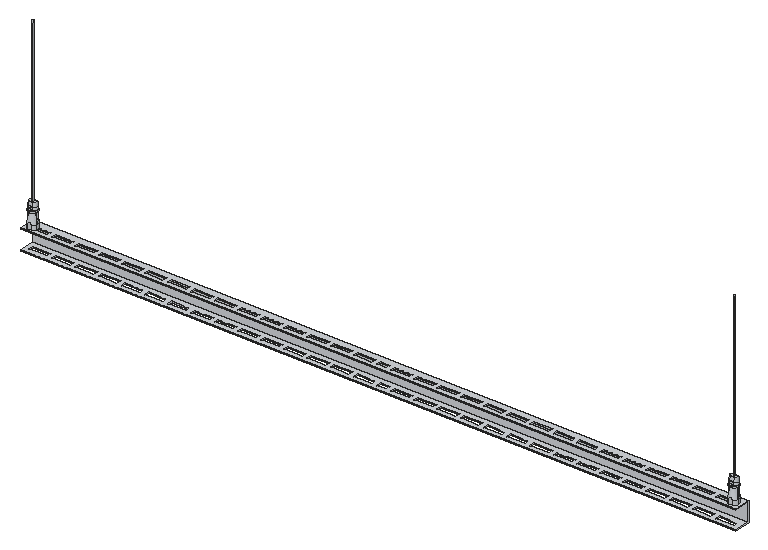
Revit family "Gripple Brackets with UniGrip Suspensions - Assembly", category Specialty Equipment, Revit 2017
Family settings
  Round Connector Dimension = Use Diameter
  Part Type = Normal
  Work Plane-Based = Yes
  Always vertical = Yes
  Cut with Voids When Loaded = Yes
  Shared = Yes
  Room Calculation Point = No
Parameters (values of type "PB1540")
  Kit Y/N Accessory [instance] = yes
  Suspension End Fixing [instance] = ""
  Schedule Level [instance] = ""
  Schedule Discipline [instance] = ""
  Schedule Area [instance] = ""
  R/H TZ Dist. [instance] = 15 mm
  L/H TZ Dist. [instance] = 15 mm
  Kit Vis [instance] = [Kit Y/N Accessory]  # yes
  Go to URL [instance] = "http://www.gripple.co.uk/gb/en/p8/a6/pipe-bracket--quick-twist-system"
  Central Suspension Reqd [instance] = no
  Central Suspension Offset [instance] = 770 mm
  CKit Vis [instance] = and(Central Suspension Reqd, Kit Vis)  # no
  CAcc Vis [instance] = and(Central Suspension Reqd, Acc Vis)  # no
  Bracket Distance From Soffit [instance] = 400 mm
  Length = 1540 mm
  URL = "http://www.gripple.co.uk/gb/en/p8/a6/pipe-bracket--quick-twist-system"
  Model = "PB1540"
  Manufacturer = "Gripple Ltd"
  Default Elevation = 0 mm
  Bracket = Gripple Brackets : PB1540
  Assembly Code = "PB1540"
  Acc Vis [instance] = not([Kit Y/N Accessory])  # no
  -L = -Length / 2  # -770 mm
  +L = Length / 2  # 770 mm
Types (14, lengths in mm): name | Central Suspension Reqd | Central Suspension Offset | CKit Vis | Bracket Distance From Soffit | Length | Model | Bracket | Assembly Code | -L | +L
  PB1540 | no | 770 | no | 400 | 1540 | "PB1540" | Gripple Brackets : PB1540 | "PB1540" | -770 | 770
  PB1440 | yes | 720 | yes | 200 | 1440 | "PB1440" | Gripple Brackets : PB1440 | "PB1440" | -720 | 720
  PB1340 | yes | 670 | yes | 200 | 1340 | "PB1340" | Gripple Brackets : PB1340 | "PB1340" | -670 | 670
  PB440 | yes | 220 | yes | 250 | 440 | "PB440" | Gripple Brackets : PB440 | "PB440" | -220 | 220
  PB540 | yes | 270 | yes | 250 | 540 | "PB540" | Gripple Brackets : PB540 | "PB540" | -270 | 270
  PB740 | yes | 370 | yes | 200 | 740 | "PB740" | Gripple Brackets : PB740 | "PB740" | -370 | 370
  PB940 | yes | 470 | yes | 200 | 940 | "PB940" | Gripple Brackets : PB940 | "PB940" | -470 | 470
  PB1040 | yes | 520 | yes | 200 | 1040 | "PB1040" | Gripple Brackets : PB1040 | "PB1040" | -520 | 520
  PB1140 | yes | 570 | yes | 200 | 1140 | "PB1140" | Gripple Brackets : PB1140 | "PB1140" | -570 | 570
  PB1240 | yes | 620 | yes | 200 | 1240 | "PB1240" | Gripple Brackets : PB1240 | "PB1240" | -620 | 620
  PB340 | yes | 170 | yes | 250 | 340 | "PB340" | Gripple Brackets : PB340 | "PB340" | -170 | 170
  PB840 | yes | 420 | yes | 200 | 840 | "PB840" | Gripple Brackets : PB840 | "PB840" | -420 | 420
  PB240 | yes | 120 | yes | 250 | 240 | "PB240" | Gripple Brackets : PB240 | "PB240" | -120 | 120
  PB640 | yes | 320 | yes | 250 | 640 | "PB640" | Gripple Brackets : PB640 | "PB640" | -320 | 320
Reference planes
  plane 1 "Center (Front/Back)": y = 0
  plane 2: z = 0
  plane 3 "Center (Left/Right)": x = 0
  plane 4 "Bracket Top": z = -400
  plane 5: x = 770
  plane 6: x = -770
  plane 7: x = 755
  plane 8: x = -755
  plane 9: x = 755
  plane 10: x = 0
Lines and regions (mm)
  model lines, detail levels coarse+medium
    curve 1: line (-770, 0, -421.5) -> (770, 0, -421.5)
  model lines, visible <- "Kit Y/N Accessory"
    curve 2: line (-755, 0, 0) -> (-755, 0, -421.5)
    curve 3: line (755, 0, 0) -> (755, 0, -421.5)
Dimensions and locks
  equal spacing: plane 5, plane 3 "Center (Left/Right)", plane 6
  "Length": plane 5 to plane 6
  locked: plane 5 to plane 7 at 15
  plane 3 "Center (Left/Right)" to plane 7 = 755 mm
  "Bracket Distance From Soffit": plane 4 "Bracket Top" to plane 2
  "L/H TZ Dist.": plane 8 to plane 6
  "R/H TZ Dist.": plane 5 to plane 9
  "Central Suspension Offset": plane 10 to plane 6
  aligned and locked: level to plane 2
  aligned and locked: plane 5 to curve 1
  aligned and locked: plane 6 to curve 1
  aligned and locked: level to curve 2
  aligned and locked: level to curve 3
  aligned and locked: curve 1 to curve 3
  aligned and locked: curve 2 to plane 8
  aligned and locked: curve 3 to plane 9
  aligned and locked: plane 1 "Center (Front/Back)" to nested 1
  aligned and locked: nested 1 to plane 3 "Center (Left/Right)"
  aligned and locked: plane 4 "Bracket Top" to nested 2
  aligned and locked: plane 4 "Bracket Top" to nested 3
  aligned and locked: nested 4 to plane 4 "Bracket Top"
  aligned and locked: plane 4 "Bracket Top" to nested 5
  aligned and locked: plane 4 "Bracket Top" to nested 6
  aligned and locked: nested 7 to plane 4 "Bracket Top"
  aligned and locked: nested 2 to plane 8
  aligned and locked: plane 10 to nested 3
  aligned and locked: nested 4 to plane 9
  aligned and locked: nested 5 to plane 8
  aligned and locked: nested 7 to plane 9
  aligned and locked: plane 10 to nested 6
Automatic sketch dimensions
  curve 1 to plane 4 "Bracket Top" = 21.5 mm
Nested families
  nested 1: "Gripple Brackets" at (0, 0, -400), type <- "Bracket", Schedule Area <- "Schedule Area", Schedule Discipline <- "Schedule Discipline", Schedule Level <- "Schedule Level", type "PB1540", detail levels fine
    with Schedule Level "", Schedule Discipline "", Schedule Area "", Go to URL "http://www.gripple.co.uk/gb/en/p8/a6/pipe-bracket--quick-twist-system"
  nested 2: "Gripple UniGrip Kit" at (-755, 0, -400), Bracket Distance From Soffit <- "Bracket Distance From Soffit", visible <- "Kit Vis", Schedule Area <- "Schedule Area", Schedule Discipline <- "Schedule Discipline", Schedule Level <- "Schedule Level", Suspension End Fixing <- "Suspension End Fixing", type "UG2"
    with UniGrip Foot Option none, Suspension End Fixing "", Schedule Level "", Schedule Discipline "", Schedule Area "", Gripple Kit Length (m) 1 mm, Go To URL "https://www.gripple.com/images/Markets/Building%20Services/Products/Unigrip/PI%20Sheets/PI-UNIGRIP-ENG.pdf", Bracket Distance From Soffit 400 mm
  nested 3: "Gripple UniGrip Kit" at (0, 0, -400), Bracket Distance From Soffit <- "Bracket Distance From Soffit", Schedule Area <- "Schedule Area", Schedule Discipline <- "Schedule Discipline", Schedule Level <- "Schedule Level", Suspension End Fixing <- "Suspension End Fixing", visible <- "CKit Vis", type "UG2"
    with UniGrip Foot Option none, Suspension End Fixing "", Schedule Level "", Schedule Discipline "", Schedule Area "", Gripple Kit Length (m) 1 mm, Go To URL "https://www.gripple.com/images/Markets/Building%20Services/Products/Unigrip/PI%20Sheets/PI-UNIGRIP-ENG.pdf", Bracket Distance From Soffit 400 mm
  nested 4: "Gripple UniGrip Kit" at (755, 0, -400), Bracket Distance From Soffit <- "Bracket Distance From Soffit", visible <- "Kit Vis", Schedule Area <- "Schedule Area", Schedule Discipline <- "Schedule Discipline", Schedule Level <- "Schedule Level", Suspension End Fixing <- "Suspension End Fixing", type "UG2"
    with UniGrip Foot Option none, Suspension End Fixing "", Schedule Level "", Schedule Discipline "", Schedule Area "", Gripple Kit Length (m) 1 mm, Go To URL "https://www.gripple.com/images/Markets/Building%20Services/Products/Unigrip/PI%20Sheets/PI-UNIGRIP-ENG.pdf", Bracket Distance From Soffit 400 mm
  nested 5: "Gripple UniGrip Accessory" at (-755, 0, -400), Schedule Area <- "Schedule Area", Schedule Discipline <- "Schedule Discipline", Schedule Level <- "Schedule Level", Suspension End Fixing <- "Suspension End Fixing", visible <- "Acc Vis", type "UG2"
    with UniGrip Foot Option none, Suspension End Fixing "", Schedule Level "", Schedule Discipline "", Schedule Area "", Go To URL "https://www.gripple.com/images/Markets/Building%20Services/Products/Unigrip/PI%20Sheets/PI-UNIGRIP-ENG.pdf"
  nested 6: "Gripple UniGrip Accessory" at (0, 0, -400), Schedule Area <- "Schedule Area", Schedule Discipline <- "Schedule Discipline", Schedule Level <- "Schedule Level", Suspension End Fixing <- "Suspension End Fixing", visible <- "CAcc Vis", type "UG2"
    with UniGrip Foot Option none, Suspension End Fixing "", Schedule Level "", Schedule Discipline "", Schedule Area "", Go To URL "https://www.gripple.com/images/Markets/Building%20Services/Products/Unigrip/PI%20Sheets/PI-UNIGRIP-ENG.pdf"
  nested 7: "Gripple UniGrip Accessory" at (755, 0, -400), Schedule Area <- "Schedule Area", Schedule Discipline <- "Schedule Discipline", Schedule Level <- "Schedule Level", Suspension End Fixing <- "Suspension End Fixing", visible <- "Acc Vis", type "UG2"
    with UniGrip Foot Option none, Suspension End Fixing "", Schedule Level "", Schedule Discipline "", Schedule Area "", Go To URL "https://www.gripple.com/images/Markets/Building%20Services/Products/Unigrip/PI%20Sheets/PI-UNIGRIP-ENG.pdf"
Definition of nested family "Gripple Brackets"
  Parameters (values of type "PB1540")
    Schedule Level [instance] = ""
    Schedule Discipline [instance] = ""
    Schedule Area [instance] = ""
    Go to URL [instance] = "http://www.gripple.co.uk/gb/en/p8/a6/pipe-bracket--quick-twist-system"
    Length = 1540 mm
    URL = "http://www.gripple.co.uk/gb/en/p8/a6/pipe-bracket--quick-twist-system"
    Model = "PB1540"
    Manufacturer = "Gripple Ltd"
    Default Elevation = 1219.2 mm
    Assembly Code = "PB1540"
    -L = -Length / 2  # -770 mm
    +L = Length / 2  # 770 mm
    #slots = 15
  Types (14, lengths in mm): name | Length | Model | Assembly Code | -L | +L | #slots
    PB240 | 240 | "PB240" | "PB240" | -120 | 120 | 2
    PB340 | 340 | "PB340" | "PB340" | -170 | 170 | 3
    PB440 | 440 | "PB440" | "PB440" | -220 | 220 | 4
    PB540 | 540 | "PB540" | "PB540" | -270 | 270 | 5
    PB640 | 640 | "PB640" | "PB640" | -320 | 320 | 6
    PB740 | 740 | "PB740" | "PB740" | -370 | 370 | 7
    PB840 | 840 | "PB840" | "PB840" | -420 | 420 | 8
    PB940 | 940 | "PB940" | "PB940" | -470 | 470 | 9
    PB1040 | 1040 | "PB1040" | "PB1040" | -520 | 520 | 10
    PB1140 | 1140 | "PB1140" | "PB1140" | -570 | 570 | 11
    PB1240 | 1240 | "PB1240" | "PB1240" | -620 | 620 | 12
    PB1340 | 1340 | "PB1340" | "PB1340" | -670 | 670 | 13
    PB1440 | 1440 | "PB1440" | "PB1440" | -720 | 720 | 14
    PB1540 | 1540 | "PB1540" | "PB1540" | -770 | 770 | 15
  Reference planes
    plane 1 "Center (Front/Back)": y = 0
    plane 2: z = 0
    plane 3 "Center (Left/Right)": x = 0
    plane 4: z = 0
    plane 5: z = -43
    plane 6: x = 770
    plane 7: x = -770
    plane 8: z = -2
    plane 9: z = -41
    plane 10: y = 20
    plane 11: y = -15
    plane 12: y = 18
    plane 13: x = 60
    plane 14: x = 20
    plane 15: x = -20
    plane 16: x = -60
    plane 17: y = 5
    plane 18: y = -5
    plane 19: x = -20
    plane 20: x = -10
    plane 21: x = 10
    plane 22: x = -10
    plane 23: x = 10
    plane 24: z = -21.5
  Forms (mm)
    Extrusion 1, solid, detail levels medium+fine
      sketch origin (0, 0, 0) x (0, 1, 0) y (0, 0, 1)
        loop
          line (20, 0) -> (-15, 0) -> (-15, -2) -> (18, -2) -> (18, -41) -> (-15, -41) -> (-15, -43) -> (20, -43) -> (20, 0)
      from 770 <- "+L" to -770 <- "-L"
    Extrusion 2, void
      sketch origin (0, 0, 0) x (1, 0, 0) y (0, 1, 0)
        loop
          line (-60, 5) -> (-60, -5) -> (-20, -5) -> (-20, 5) -> (-60, 5)
      from 0 to -43
    Extrusion 3, void
      sketch origin (30, 0, 0) x (1, 0, 0) y (0, 1, 0)
        loop
          line (-40, 5) -> (-40, -5) -> (-20, -5) -> (-20, 5) -> (-40, 5)
      from 0 to -43
    Extrusion 4, void
      sketch origin (60, 0, 0) x (1, 0, 0) y (0, 1, 0)
        loop
          line (-40, 5) -> (-40, -5) -> (0, -5) -> (0, 5) -> (-40, 5)
      from 0 to -43
    Extrusion 5, void
      sketch origin (-50, 0, 0) x (1, 0, 0) y (0, 1, 0)
        loop
          line (-60, 5) -> (-60, -5) -> (-20, -5) -> (-20, 5) -> (-60, 5)
      from 0 to -43
    Extrusion 6, void
      sketch origin (110, 0, 0) x (1, 0, 0) y (0, 1, 0)
        loop
          line (-40, 5) -> (-40, -5) -> (0, -5) -> (0, 5) -> (-40, 5)
      from 0 to -43
    Extrusion 7, void
      sketch origin (-100, 0, 0) x (1, 0, 0) y (0, 1, 0)
        loop
          line (-60, 5) -> (-60, -5) -> (-20, -5) -> (-20, 5) -> (-60, 5)
      from 0 to -43
    Extrusion 8, void
      sketch origin (-150, 0, 0) x (1, 0, 0) y (0, 1, 0)
        loop
          line (-60, 5) -> (-60, -5) -> (-20, -5) -> (-20, 5) -> (-60, 5)
      from 0 to -43
    Extrusion 9, void
      sketch origin (160, 0, 0) x (1, 0, 0) y (0, 1, 0)
        loop
          line (-40, 5) -> (-40, -5) -> (0, -5) -> (0, 5) -> (-40, 5)
      from 0 to -43
    Extrusion 10, void
      sketch origin (210, 0, 0) x (1, 0, 0) y (0, 1, 0)
        loop
          line (-40, 5) -> (-40, -5) -> (0, -5) -> (0, 5) -> (-40, 5)
      from 0 to -43
    Extrusion 11, void
      sketch origin (-200, 0, 0) x (1, 0, 0) y (0, 1, 0)
        loop
          line (-60, 5) -> (-60, -5) -> (-20, -5) -> (-20, 5) -> (-60, 5)
      from 0 to -43
    Extrusion 12, void
      sketch origin (-250, 0, 0) x (1, 0, 0) y (0, 1, 0)
        loop
          line (-60, 5) -> (-60, -5) -> (-20, -5) -> (-20, 5) -> (-60, 5)
      from 0 to -43
    Extrusion 13, void
      sketch origin (260, 0, 0) x (1, 0, 0) y (0, 1, 0)
        loop
          line (-40, 5) -> (-40, -5) -> (0, -5) -> (0, 5) -> (-40, 5)
      from 0 to -43
    Extrusion 14, void
      sketch origin (310, 0, 0) x (1, 0, 0) y (0, 1, 0)
        loop
          line (-40, 5) -> (-40, -5) -> (0, -5) -> (0, 5) -> (-40, 5)
      from 0 to -43
    Extrusion 15, void
      sketch origin (-300, 0, 0) x (1, 0, 0) y (0, 1, 0)
        loop
          line (-60, 5) -> (-60, -5) -> (-20, -5) -> (-20, 5) -> (-60, 5)
      from 0 to -43
    Extrusion 16, void
      sketch origin (-350, 0, 0) x (1, 0, 0) y (0, 1, 0)
        loop
          line (-60, 5) -> (-60, -5) -> (-20, -5) -> (-20, 5) -> (-60, 5)
      from 0 to -43
    Extrusion 17, void
      sketch origin (-400, 0, 0) x (1, 0, 0) y (0, 1, 0)
        loop
          line (-60, 5) -> (-60, -5) -> (-20, -5) -> (-20, 5) -> (-60, 5)
      from 0 to -43
    Extrusion 18, void
      sketch origin (-450, 0, 0) x (1, 0, 0) y (0, 1, 0)
        loop
          line (-60, 5) -> (-60, -5) -> (-20, -5) -> (-20, 5) -> (-60, 5)
      from 0 to -43
    Extrusion 19, void
      sketch origin (-500, 0, 0) x (1, 0, 0) y (0, 1, 0)
        loop
          line (-60, 5) -> (-60, -5) -> (-20, -5) -> (-20, 5) -> (-60, 5)
      from 0 to -43
    Extrusion 20, void
      sketch origin (-550, 0, 0) x (1, 0, 0) y (0, 1, 0)
        loop
          line (-60, 5) -> (-60, -5) -> (-20, -5) -> (-20, 5) -> (-60, 5)
      from 0 to -43
    Extrusion 21, void
      sketch origin (-600, 0, 0) x (1, 0, 0) y (0, 1, 0)
        loop
          line (-60, 5) -> (-60, -5) -> (-20, -5) -> (-20, 5) -> (-60, 5)
      from 0 to -43
    Extrusion 22, void
      sketch origin (-650, 0, 0) x (1, 0, 0) y (0, 1, 0)
        loop
          line (-60, 5) -> (-60, -5) -> (-20, -5) -> (-20, 5) -> (-60, 5)
      from 0 to -43
    Extrusion 23, void
      sketch origin (-700, 0, 0) x (1, 0, 0) y (0, 1, 0)
        loop
          line (-60, 5) -> (-60, -5) -> (-20, -5) -> (-20, 5) -> (-60, 5)
      from 0 to -43
    Extrusion 24, void
      sketch origin (360, 0, 0) x (1, 0, 0) y (0, 1, 0)
        loop
          line (-40, 5) -> (-40, -5) -> (0, -5) -> (0, 5) -> (-40, 5)
      from 0 to -43
    Extrusion 25, void
      sketch origin (410, 0, 0) x (1, 0, 0) y (0, 1, 0)
        loop
          line (-40, 5) -> (-40, -5) -> (0, -5) -> (0, 5) -> (-40, 5)
      from 0 to -43
    Extrusion 26, void
      sketch origin (460, 0, 0) x (1, 0, 0) y (0, 1, 0)
        loop
          line (-40, 5) -> (-40, -5) -> (0, -5) -> (0, 5) -> (-40, 5)
      from 0 to -43
    Extrusion 27, void
      sketch origin (510, 0, 0) x (1, 0, 0) y (0, 1, 0)
        loop
          line (-40, 5) -> (-40, -5) -> (0, -5) -> (0, 5) -> (-40, 5)
      from 0 to -43
    Extrusion 28, void
      sketch origin (560, 0, 0) x (1, 0, 0) y (0, 1, 0)
        loop
          line (-40, 5) -> (-40, -5) -> (0, -5) -> (0, 5) -> (-40, 5)
      from 0 to -43
    Extrusion 29, void
      sketch origin (610, 0, 0) x (1, 0, 0) y (0, 1, 0)
        loop
          line (-40, 5) -> (-40, -5) -> (0, -5) -> (0, 5) -> (-40, 5)
      from 0 to -43
    Extrusion 30, void
      sketch origin (660, 0, 0) x (1, 0, 0) y (0, 1, 0)
        loop
          line (-40, 5) -> (-40, -5) -> (0, -5) -> (0, 5) -> (-40, 5)
      from 0 to -43
    Extrusion 31, void
      sketch origin (710, 0, 0) x (1, 0, 0) y (0, 1, 0)
        loop
          line (-40, 5) -> (-40, -5) -> (0, -5) -> (0, 5) -> (-40, 5)
      from 0 to -43
    Extrusion 32, void
      sketch origin (760, 0, 0) x (1, 0, 0) y (0, 1, 0)
        loop
          line (-40, 5) -> (-40, -5) -> (0, -5) -> (0, 5) -> (-40, 5)
      from 0 to -43
  Cuts and joins
    Extrusion 2, Extrusion 3, Extrusion 4, Extrusion 5, Extrusion 6, Extrusion 7, Extrusion 8, Extrusion 9, Extrusion 10, Extrusion 11, Extrusion 12, Extrusion 13, Extrusion 14, Extrusion 15, Extrusion 16, Extrusion 17, Extrusion 18, Extrusion 19, Extrusion 20, Extrusion 21, Extrusion 22, Extrusion 23, Extrusion 24, Extrusion 25, Extrusion 26, Extrusion 27, Extrusion 28, Extrusion 29, Extrusion 30, Extrusion 31, Extrusion 32 cuts Extrusion 1
  Lines and regions (mm)
    model lines, detail levels coarse
      curve 1: line (-770, 0, -21.5) -> (770, 0, -21.5)
  Dimensions and locks
    equal spacing: plane 6, plane 3 "Center (Left/Right)", plane 7
    locked: plane 4 to plane 5 at 43
    "Length": plane 6 to plane 7
    locked: plane 9 to plane 5 at 2
    locked: plane 4 to plane 8 at 2
    locked: plane 10 to plane 1 "Center (Front/Back)" at 20
    locked: plane 10 to plane 11 at 35
    locked: plane 10 to plane 12 at 2
    equal spacing: plane 16, plane 3 "Center (Left/Right)", plane 13
    equal spacing: plane 15, plane 3 "Center (Left/Right)", plane 14
    locked: plane 3 "Center (Left/Right)" to plane 14 at 20
    equal spacing: plane 18, plane 1 "Center (Front/Back)", plane 17
    locked: plane 1 "Center (Front/Back)" to plane 17 at 5
    equal spacing: plane 21, plane 3 "Center (Left/Right)", plane 20
    locked: plane 21 to plane 20 at 20
    equal spacing: plane 23, plane 3 "Center (Left/Right)", plane 22
    locked: plane 23 to plane 22 at 20
    plane 1 "Center (Front/Back)" to Extrusion 1 = 15 mm
    equal spacing: plane 4, plane 24, plane 5
    locked: plane 14 to plane 13 at 40
    equal spacing: group 21, group 20, group 19, group 18, group 17, group 16, group 15, group 14, group 13, group 10, group 9, group 6, group 5, group 2, group 1
    equal spacing: group 1, group 2, group 5, group 6, group 9, group 10, group 13, group 14, group 15, group 16, group 17, group 18, group 19, group 20, group 21  (x2)
    equal spacing: group 3, group 4, group 7, group 8, group 11, group 12, group 22, group 23, group 24, group 25, group 26, group 27, group 28, group 29, group 30  (x3)
    locked: plane 16 to plane 19 at 40
    aligned and locked: level to plane 2
    aligned and locked: Extrusion 1 sketch curve to plane 10
    aligned and locked: Extrusion 1 sketch curve to plane 4
    aligned and locked: plane 11 to Extrusion 1 sketch curve  (x2)
    aligned and locked: Extrusion 1 sketch curve to plane 9
    aligned and locked: Extrusion 1 sketch curve to plane 5
    aligned and locked: plane 12 to Extrusion 1 sketch curve
    aligned and locked: Extrusion 1 sketch curve to plane 8
    aligned and locked: plane 6 to curve 1
    aligned and locked: plane 7 to curve 1
    aligned and locked: curve 1 to plane 24
    aligned and locked: level to plane 4
    aligned and locked: level to Extrusion 2
    aligned and locked: plane 5 to Extrusion 2
    aligned and locked: Extrusion 3 to plane 20
    aligned and locked: Extrusion 3 to plane 21
    aligned and locked: plane 14 to Extrusion 4
    aligned and locked: Extrusion 4 to plane 13
    aligned and locked: level to Extrusion 4
    aligned and locked: plane 5 to Extrusion 4
    aligned and locked: level to Extrusion 3
    aligned and locked: plane 5 to Extrusion 3
    aligned and locked: Extrusion 1 to Extrusion 2
    aligned and locked: plane 16 to Extrusion 2
    aligned and locked: Extrusion 2 to plane 15
  Automatic sketch dimensions
    Extrusion 2 sketch curve to Extrusion 2 sketch curve = 40 mm
    Extrusion 2 sketch curve to Extrusion 2 sketch curve = 10 mm
    Extrusion 3 sketch curve to plane 18 = 0 mm
    Extrusion 3 sketch curve to plane 20 = 0 mm
    Extrusion 3 sketch curve to plane 21 = 0 mm
    plane 17 to Extrusion 3 sketch curve = 0 mm
    Extrusion 4 sketch curve to Extrusion 4 sketch curve = 40 mm
    Extrusion 5 sketch curve to Extrusion 5 sketch curve = 40 mm
    Extrusion 5 sketch curve to Extrusion 5 sketch curve = 10 mm
    Extrusion 4 sketch curve to Extrusion 4 sketch curve = 10 mm
    Extrusion 6 sketch curve to Extrusion 6 sketch curve = 40 mm
    Extrusion 6 sketch curve to Extrusion 6 sketch curve = 10 mm
    Extrusion 7 sketch curve to Extrusion 7 sketch curve = 40 mm
    Extrusion 7 sketch curve to Extrusion 7 sketch curve = 10 mm
    Extrusion 8 sketch curve to Extrusion 8 sketch curve = 40 mm
    Extrusion 8 sketch curve to Extrusion 8 sketch curve = 10 mm
    Extrusion 9 sketch curve to Extrusion 9 sketch curve = 40 mm
    Extrusion 9 sketch curve to Extrusion 9 sketch curve = 10 mm
    Extrusion 10 sketch curve to Extrusion 10 sketch curve = 40 mm
    Extrusion 10 sketch curve to Extrusion 10 sketch curve = 10 mm
    Extrusion 11 sketch curve to Extrusion 11 sketch curve = 40 mm
    Extrusion 11 sketch curve to Extrusion 11 sketch curve = 10 mm
    Extrusion 12 sketch curve to Extrusion 12 sketch curve = 40 mm
    Extrusion 12 sketch curve to Extrusion 12 sketch curve = 10 mm
    Extrusion 13 sketch curve to Extrusion 13 sketch curve = 40 mm
    Extrusion 13 sketch curve to Extrusion 13 sketch curve = 10 mm
    Extrusion 14 sketch curve to Extrusion 14 sketch curve = 40 mm
    Extrusion 14 sketch curve to Extrusion 14 sketch curve = 10 mm
    Extrusion 15 sketch curve to Extrusion 15 sketch curve = 40 mm
    Extrusion 15 sketch curve to Extrusion 15 sketch curve = 10 mm
    Extrusion 16 sketch curve to Extrusion 16 sketch curve = 40 mm
    Extrusion 16 sketch curve to Extrusion 16 sketch curve = 10 mm
    Extrusion 17 sketch curve to Extrusion 17 sketch curve = 40 mm
    Extrusion 17 sketch curve to Extrusion 17 sketch curve = 10 mm
    Extrusion 18 sketch curve to Extrusion 18 sketch curve = 40 mm
    Extrusion 18 sketch curve to Extrusion 18 sketch curve = 10 mm
    Extrusion 19 sketch curve to Extrusion 19 sketch curve = 40 mm
    Extrusion 19 sketch curve to Extrusion 19 sketch curve = 10 mm
    Extrusion 20 sketch curve to Extrusion 20 sketch curve = 40 mm
    Extrusion 20 sketch curve to Extrusion 20 sketch curve = 10 mm
    Extrusion 21 sketch curve to Extrusion 21 sketch curve = 40 mm
    Extrusion 21 sketch curve to Extrusion 21 sketch curve = 10 mm
    Extrusion 22 sketch curve to Extrusion 22 sketch curve = 40 mm
    Extrusion 22 sketch curve to Extrusion 22 sketch curve = 10 mm
    Extrusion 23 sketch curve to Extrusion 23 sketch curve = 40 mm
    Extrusion 23 sketch curve to Extrusion 23 sketch curve = 10 mm
    Extrusion 24 sketch curve to Extrusion 24 sketch curve = 40 mm
    Extrusion 24 sketch curve to Extrusion 24 sketch curve = 10 mm
    Extrusion 25 sketch curve to Extrusion 25 sketch curve = 40 mm
    Extrusion 25 sketch curve to Extrusion 25 sketch curve = 10 mm
    Extrusion 26 sketch curve to Extrusion 26 sketch curve = 40 mm
    Extrusion 26 sketch curve to Extrusion 26 sketch curve = 10 mm
    Extrusion 27 sketch curve to Extrusion 27 sketch curve = 40 mm
    Extrusion 27 sketch curve to Extrusion 27 sketch curve = 10 mm
    Extrusion 28 sketch curve to Extrusion 28 sketch curve = 40 mm
    Extrusion 28 sketch curve to Extrusion 28 sketch curve = 10 mm
    Extrusion 29 sketch curve to Extrusion 29 sketch curve = 40 mm
    Extrusion 29 sketch curve to Extrusion 29 sketch curve = 10 mm
    Extrusion 30 sketch curve to Extrusion 30 sketch curve = 40 mm
    Extrusion 30 sketch curve to Extrusion 30 sketch curve = 10 mm
    Extrusion 31 sketch curve to Extrusion 31 sketch curve = 40 mm
    Extrusion 31 sketch curve to Extrusion 31 sketch curve = 10 mm
    Extrusion 32 sketch curve to Extrusion 32 sketch curve = 40 mm
    Extrusion 32 sketch curve to Extrusion 32 sketch curve = 10 mm
Definition of nested family "Gripple UniGrip Kit"
  Parameters (values of type "UG2")
    z = 8.5 mm
    w = 10.5 mm
    v = 6 mm
    WD/2 = WD / 2  # 1 mm
    WD = 2 mm
    y = 11.8 mm
    UniGrip Foot Option [instance] = UniGrip Foot Options : 4. Central Exit (Hex Nut)
    G = 7.5 mm
    F = 2 mm  # constant formula
    E = 3 mm  # constant formula
    D = 3.5 mm  # constant formula
    C = 2 mm
    B = 35 mm
    A = 9.5 mm
    Suspension End Fixing [instance] = ""
    Schedule Level [instance] = ""
    Schedule Discipline [instance] = ""
    Schedule Area [instance] = ""
    Hanger SWL (kg) = "55kg"
    Body Dia = 19 mm
    Gripple Kit Length (m) [instance] = roundup((Bracket Distance From Soffit + (50 mm / 1)) / 1000 mm / 1) * 1 mm  # 1 mm
    Go To URL [instance] = "https://www.gripple.com/images/Markets/Building%20Services/Products/Unigrip/PI%20Sheets/PI-UNIGRIP-ENG.pdf"
    Bracket Distance From Soffit [instance] = 500 mm
    URL = "https://www.gripple.com/images/Markets/Building%20Services/Products/Unigrip/PI%20Sheets/PI-UNIGRIP-ENG.pdf"
    Model = "UniGrip No2"
    Manufacturer = "Gripple Ltd"  # constant formula
    Default Elevation = 0 mm
    Assembly Code = "UG2"
    AF = 17 mm
  Types (3, lengths in mm): name | z | w | v | WD/2 | WD | y | G | C | B | A | Hanger SWL (kg) | Body Dia | Model | Assembly Code | AF
    UG2 | 8.5 | 10.5 | 6 | 1 | 2 | 11.8 | 7.5 | 2 | 35 | 9.5 | "55kg" | 19 | "UniGrip No2" | "UG2" | 17
    UG3 | 8.5 | 10.5 | 8 | 1.5 | 3 | 13.8 | 10.5 | 3.5 | 47.5 | 19.5 | "110kg" | 22 | "UniGrip No3" | "UG3" | 17
    UG4 | 10 | 16 | 10 | 2.4 | 4.8 | 21 | 13 | 4 | 56.5 | 25 | "250kg" | 30 | "UniGrip No4" | "UG4" | 22
  Reference planes
    plane 1 "Center (Front/Back)": y = 0
    plane 2: z = 0
    plane 3 "Center (Left/Right)": x = 0
    plane 4 "Bottom of Angled Void": z = 9.5
    plane 5 "Wire Bottom": z = 0
    plane 6: x = -9.5
    plane 7: x = 9.5
    plane 8 "Wire Top": z = 500
    plane 9 "Top of Angled Void": z = 33
    plane 10: y = -1.4
    plane 11: y = 1.4
    plane 12: x = -1.4
    plane 13: x = 1.4
    plane 14 "Channel Bearing Face": z = 35
    plane 15 "a": z = 38.5
    plane 16: y = 5.25
    plane 17: y = -5.25
    plane 18 "Component Top": z = 51
    plane 19 "b": z = 41.5
    plane 20: x = -3
    plane 21: x = 3
    plane 22 "Cap Base": z = 43.5
    plane 23: y = 8.5
    plane 24: y = -8.5
    plane 25: y = 9.5
    plane 26: y = -9.5
    plane 27: z = 34
    plane 28: x = -4.25
    plane 29: x = 4.25
    plane 30: y = 4.25
    plane 31: y = -4.25
    plane 32: x = 5.9
    plane 33: x = -5.9
  Forms (mm)
    Revolve 1, solid, detail levels fine
      sketch origin (0, 0, 0) x (1, 0, 0) y (0, 0, 1)
        loop
          line (0, 51) -> (0, 500) -> (-1, 500) -> (-1, 51) -> (0, 51)
        axis (0, 51) -> (0, 500)
      angle from 0 to 360
    Blend 2, solid, detail levels fine
      base sketch origin (0, 0, 38.5) x (-1, 0, 0) y (0, -1, 0)
        loop
          arc (4.25, -5.25) -> (9.5, 0) -> (4.25, 5.25) r 5.25
          line (4.25, 5.25) -> (-4.25, 5.25)
          arc (-4.25, 5.25) -> (-9.5, 0) -> (-4.25, -5.25) r 5.25
          line (-4.25, -5.25) -> (4.25, -5.25)
      top sketch origin (0, 0, 51) x (-1, 0, 0) y (0, -1, 0)
        loop
          arc (4.25, -4.25) -> (8.5, 0) -> (4.25, 4.25) r 4.25
          line (4.25, 4.25) -> (-4.25, 4.25)
          arc (-4.25, 4.25) -> (-8.5, 0) -> (-4.25, -4.25) r 4.25
          line (-4.25, -4.25) -> (4.25, -4.25)
      from 0 to 0
    Extrusion 3, void
      sketch origin (0, 0, 0) x (1, 0, 0) y (0, 1, 0)
        loop
          line (-4.243, 8.5) -> (4.243, 8.5)
          arc (4.243, 8.5) -> (0, 9.5) -> (-4.243, 8.5) r 9.5
        loop
          arc (-4.243, -8.5) -> (0, -9.5) -> (4.243, -8.5) r 9.5
          line (4.243, -8.5) -> (-4.243, -8.5)
      from 0 to 33
    Revolve 4, solid, detail levels fine
      sketch origin (0, 0, 0) x (1, 0, 0) y (0, 0, 1)
        loop
          line (-9.5, 0) -> (0, 0) -> (0, 38.5) -> (-9.5, 38.5) -> (-9.5, 0)
        axis (0, 38.5) -> (0, 0)
      angle from 0 to 360
    Revolve 5, void
      sketch origin (0, 0, 0) x (1, 0, 0) y (0, 0, 1)
        loop
          line (-9.5, 38.5) -> (-9.5, 35) -> (-4.25, 35) -> (-4.25, 38.5) -> (-9.5, 38.5)
        axis (0, 38.5) -> (0, 35)
      angle from 0 to 360
    Revolve 6, void
      sketch origin (0, 0, 0) x (1, 0, 0) y (0, 0, 1)
        loop
          line (-9.5, 43.5) -> (-9.5, 41.5) -> (-3, 41.5) -> (-3, 43.5) -> (-9.5, 43.5)
        axis (0, 43.5) -> (0, 41.5)
      angle from 0 to 360
    Revolve 7, void
      sketch origin (0, 0, 0) x (1, 0, 0) y (0, 0, 1)
        loop
          line (5.885, 33) -> (9.5, 9.5) -> (9.5, 34) -> (5.885, 33)
        axis (0, 34) -> (0, 9.5)
      angle from 8 to 172
    Revolve 8, void
      sketch origin (0, 0, 0) x (1, 0, 0) y (0, 0, 1)
        loop
          line (5.885, 33) -> (9.5, 9.5) -> (9.5, 34) -> (5.885, 33)
        axis (0, 34) -> (0, 9.5)
      angle from 188 to 352
  Cuts and joins
    Extrusion 3, Revolve 5, Revolve 7, Revolve 8 cuts Revolve 4
    Revolve 5, Revolve 6 cuts Blend 2
  Lines and regions (mm)
    model lines
      curve 1: line (0, 0, 500) -> (0, 0, -25)
    reference lines
      curve 2: line (9.5, 0, 9.5) -> (5.885, 0, 33)
      curve 3: line (5.885, 0, 33) -> (9.5, 0, 34)
  Dimensions and locks
    equal spacing: plane 7, plane 3 "Center (Left/Right)", plane 6
    "Bracket Distance From Soffit": plane 8 "Wire Top" to level
    "WD/2": Revolve 1 sketch curve to Revolve 1 sketch curve
    "Body Dia": plane 7 to plane 6
    locked: plane 11 to plane 10 at 2.8
    "A": plane 4 "Bottom of Angled Void" to plane 2
    "B": plane 14 "Channel Bearing Face" to plane 2
    "D": plane 15 "a" to plane 14 "Channel Bearing Face"
    equal spacing: plane 16, plane 1 "Center (Front/Back)", plane 17
    "w": plane 16 to plane 17
    equal spacing: plane 20, plane 3 "Center (Left/Right)", plane 21
    "E": plane 19 "b" to plane 15 "a"
    "G": plane 18 "Component Top" to plane 22 "Cap Base"
    "F": plane 22 "Cap Base" to plane 19 "b"
    "C": plane 14 "Channel Bearing Face" to plane 9 "Top of Angled Void"
    "AF": plane 23 to plane 24
    equal spacing: plane 23, plane 1 "Center (Front/Back)", plane 24
    "Body Dia": plane 25 to plane 26
    equal spacing: plane 26, plane 1 "Center (Front/Back)", plane 25
    equal spacing: plane 10, plane 1 "Center (Front/Back)", plane 11
    equal spacing: plane 12, plane 3 "Center (Left/Right)", plane 13
    plane 12 to plane 13 = 2.8 mm
    equal spacing: plane 14 "Channel Bearing Face", plane 27, plane 9 "Top of Angled Void"
    "v": plane 20 to plane 21
    plane 16 to plane 30 = 1 mm
    plane 31 to plane 17 = 1 mm
    equal spacing: plane 28, plane 3 "Center (Left/Right)", plane 29
    "z": plane 28 to plane 29
    equal spacing: plane 32, plane 3 "Center (Left/Right)", plane 33
    "y": plane 32 to plane 33
    aligned and locked: level to plane 2
    aligned and locked: plane 3 "Center (Left/Right)" to Revolve 1 sketch curve  (x2)
    aligned and locked: plane 8 "Wire Top" to Revolve 1 sketch curve
    aligned and locked: plane 8 "Wire Top" to curve 1
    aligned and locked: curve 1 to plane 3 "Center (Left/Right)"
    aligned and locked: Blend 2 sketch curve to plane 16
    aligned and locked: plane 18 "Component Top" to Blend 2
    aligned and locked: Extrusion 3 sketch curve to plane 23
    aligned and locked: Extrusion 3 to level
    aligned and locked: Extrusion 3 sketch curve to plane 24
    aligned and locked: Revolve 4 sketch curve to plane 3 "Center (Left/Right)"
    aligned and locked: plane 3 "Center (Left/Right)" to Revolve 4 sketch curve
    aligned and locked: Revolve 4 sketch curve to plane 6
    aligned and locked: Extrusion 3 sketch curve to cut or joined group of Extrusion 3, Revolve 4, Revolve 5, Revolve 7, Revolve 8  (x2)
    aligned and locked: Extrusion 3 to plane 2
    aligned and locked: plane 15 "a" to Revolve 4 sketch curve
    aligned and locked: level to plane 5 "Wire Bottom"
    aligned and locked: Revolve 4 sketch curve to level
    aligned and locked: plane 28 to Blend 2 sketch curve  (x3)
    aligned and locked: plane 1 "Center (Front/Back)" to Blend 2 sketch curve  (x4)
    aligned and locked: plane 29 to Blend 2 sketch curve  (x2)
    aligned and locked: Blend 2 sketch curve to plane 31
    aligned and locked: Revolve 5 sketch curve to plane 15 "a"
    aligned and locked: plane 14 "Channel Bearing Face" to Revolve 5 sketch curve
    aligned and locked: plane 6 to Revolve 5 sketch curve
    aligned and locked: Revolve 5 sketch curve to plane 28
    aligned and locked: Revolve 5 sketch curve to plane 3 "Center (Left/Right)"
    aligned and locked: Revolve 6 sketch curve to plane 22 "Cap Base"
    aligned and locked: plane 19 "b" to Revolve 6 sketch curve
    aligned and locked: Revolve 6 sketch curve to plane 3 "Center (Left/Right)"
    aligned and locked: plane 6 to Revolve 6 sketch curve
    aligned and locked: plane 20 to Revolve 6 sketch curve
    aligned and locked: plane 7 to curve 2
    aligned and locked: plane 4 "Bottom of Angled Void" to curve 2
    aligned and locked: plane 7 to curve 3
    aligned and locked: plane 27 to curve 3
    aligned and locked: plane 9 "Top of Angled Void" to curve 3
    aligned and locked: Revolve 7 sketch curve to curve 3
    aligned and locked: Revolve 7 sketch curve to curve 2
    aligned and locked: Revolve 7 sketch curve to plane 7
    aligned and locked: Revolve 7 sketch curve to plane 3 "Center (Left/Right)"
    aligned and locked: plane 9 "Top of Angled Void" to Extrusion 3
    aligned and locked: Revolve 8 sketch curve to curve 3
    aligned and locked: Revolve 8 sketch curve to curve 2
    aligned and locked: Revolve 8 sketch curve to plane 7
    aligned and locked: Revolve 8 sketch curve to plane 3 "Center (Left/Right)"
    aligned and locked: Revolve 1 sketch curve to plane 18 "Component Top"
  Automatic sketch dimensions
    curve 3 to plane 32 = 0.015 mm
    plane 8 "Wire Top" to Revolve 4 sketch curve = 40 mm
    plane 8 "Wire Top" to Revolve 5 sketch curve = 2114.315 mm
    plane 8 "Wire Top" to Revolve 6 sketch curve = 2114.315 mm
    plane 8 "Wire Top" to Revolve 7 sketch curve = 2114.315 mm
    Revolve 8 sketch curve to plane 4 "Bottom of Angled Void" = 0 mm
    plane 8 "Wire Top" to Revolve 8 sketch curve = 2114.315 mm
    curve 1 to level = 25 mm
    Revolve 4 sketch curve to level = 95 mm
    Revolve 5 sketch curve to level = 366.045 mm
    Revolve 6 sketch curve to level = 366.045 mm
    Revolve 7 sketch curve to level = 366.045 mm
    Revolve 8 sketch curve to level = 366.045 mm
    Revolve 1 sketch curve to Revolve 1 sketch curve = 2.263 mm
    Revolve 1 sketch curve to plane 4 "Bottom of Angled Void" = 1.372 mm
Definition of nested family "Gripple UniGrip Accessory"
  Parameters (values of type "UG2")
    z = 8.5 mm
    w = 10.5 mm
    v = 6 mm
    WD/2 = WD / 2  # 1 mm
    WD = 2 mm
    y = 11.8 mm
    UniGrip Foot Option [instance] = UniGrip Foot Options : 4. Central Exit (Hex Nut)
    G = 7.5 mm
    F = 2 mm  # constant formula
    E = 3 mm  # constant formula
    D = 3.5 mm  # constant formula
    C = 2 mm
    B = 35 mm
    A = 9.5 mm
    Suspension End Fixing [instance] = ""
    Schedule Level [instance] = ""
    Schedule Discipline [instance] = ""
    Schedule Area [instance] = ""
    Hanger SWL (kg) = "55kg"
    Body Dia = 19 mm
    Go To URL [instance] = "https://www.gripple.com/images/Markets/Building%20Services/Products/Unigrip/PI%20Sheets/PI-UNIGRIP-ENG.pdf"
    URL = "https://www.gripple.com/images/Markets/Building%20Services/Products/Unigrip/PI%20Sheets/PI-UNIGRIP-ENG.pdf"
    Model = "UniGrip No2"
    Manufacturer = "Gripple Ltd"  # constant formula
    Default Elevation = 0 mm
    Assembly Code = "UG2"
    AF = 17 mm
  Types (3, lengths in mm): name | z | w | v | WD/2 | WD | y | G | C | B | A | Hanger SWL (kg) | Body Dia | Model | Assembly Code | AF
    UG2 | 8.5 | 10.5 | 6 | 1 | 2 | 11.8 | 7.5 | 2 | 35 | 9.5 | "55kg" | 19 | "UniGrip No2" | "UG2" | 17
    UG3 | 8.5 | 10.5 | 8 | 1.5 | 3 | 13.8 | 10.5 | 3.5 | 47.5 | 19.5 | "110kg" | 22 | "UniGrip No3" | "UG3" | 17
    UG4 | 10 | 16 | 10 | 2.4 | 4.8 | 21 | 13 | 4 | 56.5 | 25 | "250kg" | 30 | "UniGrip No4" | "UG4" | 22
  Reference planes
    plane 1 "Center (Front/Back)": y = 0
    plane 2: z = 0
    plane 3 "Center (Left/Right)": x = 0
    plane 4 "Bottom of Angled Void": z = 9.5
    plane 5 "Wire Bottom": z = 0
    plane 6: x = -9.5
    plane 7: x = 9.5
    plane 8 "Top of Angled Void": z = 33
    plane 9: y = -1.4
    plane 10: y = 1.4
    plane 11: x = -1.4
    plane 12: x = 1.4
    plane 13 "Channel Bearing Face": z = 35
    plane 14 "a": z = 38.5
    plane 15: y = 5.25
    plane 16: y = -5.25
    plane 17 "Component Top": z = 51
    plane 18 "b": z = 41.5
    plane 19: x = -3
    plane 20: x = 3
    plane 21 "Cap Base": z = 43.5
    plane 22: y = 8.5
    plane 23: y = -8.5
    plane 24: y = 9.5
    plane 25: y = -9.5
    plane 26: z = 34
    plane 27: x = -4.25
    plane 28: x = 4.25
    plane 29: y = 4.25
    plane 30: y = -4.25
    plane 31: x = 5.9
    plane 32: x = -5.9
  Forms (mm)
    Blend 1, solid, detail levels fine
      base sketch origin (0, 0, 38.5) x (-1, 0, 0) y (0, -1, 0)
        loop
          arc (4.25, -5.25) -> (9.5, 0) -> (4.25, 5.25) r 5.25
          line (4.25, 5.25) -> (-4.25, 5.25)
          arc (-4.25, 5.25) -> (-9.5, 0) -> (-4.25, -5.25) r 5.25
          line (-4.25, -5.25) -> (4.25, -5.25)
      top sketch origin (0, 0, 51) x (-1, 0, 0) y (0, -1, 0)
        loop
          arc (4.25, -4.25) -> (8.5, 0) -> (4.25, 4.25) r 4.25
          line (4.25, 4.25) -> (-4.25, 4.25)
          arc (-4.25, 4.25) -> (-8.5, 0) -> (-4.25, -4.25) r 4.25
          line (-4.25, -4.25) -> (4.25, -4.25)
      from 0 to 0
    Extrusion 2, void
      sketch origin (0, 0, 0) x (1, 0, 0) y (0, 1, 0)
        loop
          line (-4.243, 8.5) -> (4.243, 8.5)
          arc (4.243, 8.5) -> (0, 9.5) -> (-4.243, 8.5) r 9.5
        loop
          arc (-4.243, -8.5) -> (0, -9.5) -> (4.243, -8.5) r 9.5
          line (4.243, -8.5) -> (-4.243, -8.5)
      from 0 to 33
    Revolve 3, solid, detail levels fine
      sketch origin (0, 0, 0) x (1, 0, 0) y (0, 0, 1)
        loop
          line (-9.5, 0) -> (0, 0) -> (0, 38.5) -> (-9.5, 38.5) -> (-9.5, 0)
        axis (0, 38.5) -> (0, 0)
      angle from 0 to 360
    Revolve 4, void
      sketch origin (0, 0, 0) x (1, 0, 0) y (0, 0, 1)
        loop
          line (-9.5, 38.5) -> (-9.5, 35) -> (-4.25, 35) -> (-4.25, 38.5) -> (-9.5, 38.5)
        axis (0, 38.5) -> (0, 35)
      angle from 0 to 360
    Revolve 5, void
      sketch origin (0, 0, 0) x (1, 0, 0) y (0, 0, 1)
        loop
          line (-9.5, 43.5) -> (-9.5, 41.5) -> (-3, 41.5) -> (-3, 43.5) -> (-9.5, 43.5)
        axis (0, 43.5) -> (0, 41.5)
      angle from 0 to 360
    Revolve 6, void
      sketch origin (0, 0, 0) x (1, 0, 0) y (0, 0, 1)
        loop
          line (5.885, 33) -> (9.5, 9.5) -> (9.5, 34) -> (5.885, 33)
        axis (0, 34) -> (0, 9.5)
      angle from 8 to 172
    Revolve 7, void
      sketch origin (0, 0, 0) x (1, 0, 0) y (0, 0, 1)
        loop
          line (5.885, 33) -> (9.5, 9.5) -> (9.5, 34) -> (5.885, 33)
        axis (0, 34) -> (0, 9.5)
      angle from 188 to 352
  Cuts and joins
    Extrusion 2, Revolve 4, Revolve 6, Revolve 7 cuts Revolve 3
    Revolve 4, Revolve 5 cuts Blend 1
  Lines and regions (mm)
    model lines
      curve 1: line (0, 0, 105) -> (0, 0, -25)
    reference lines
      curve 2: line (9.5, 0, 9.5) -> (5.885, 0, 33)
      curve 3: line (5.885, 0, 33) -> (9.5, 0, 34)
  Dimensions and locks
    equal spacing: plane 7, plane 3 "Center (Left/Right)", plane 6
    "Body Dia": plane 7 to plane 6
    locked: plane 10 to plane 9 at 2.8
    "A": plane 4 "Bottom of Angled Void" to plane 2
    "B": plane 13 "Channel Bearing Face" to plane 2
    "D": plane 14 "a" to plane 13 "Channel Bearing Face"
    equal spacing: plane 15, plane 1 "Center (Front/Back)", plane 16
    "w": plane 15 to plane 16
    equal spacing: plane 19, plane 3 "Center (Left/Right)", plane 20
    "E": plane 18 "b" to plane 14 "a"
    "G": plane 17 "Component Top" to plane 21 "Cap Base"
    "F": plane 21 "Cap Base" to plane 18 "b"
    "C": plane 13 "Channel Bearing Face" to plane 8 "Top of Angled Void"
    "AF": plane 22 to plane 23
    equal spacing: plane 22, plane 1 "Center (Front/Back)", plane 23
    "Body Dia": plane 24 to plane 25
    equal spacing: plane 25, plane 1 "Center (Front/Back)", plane 24
    equal spacing: plane 9, plane 1 "Center (Front/Back)", plane 10
    equal spacing: plane 11, plane 3 "Center (Left/Right)", plane 12
    plane 11 to plane 12 = 2.8 mm
    equal spacing: plane 13 "Channel Bearing Face", plane 26, plane 8 "Top of Angled Void"
    "v": plane 19 to plane 20
    plane 15 to plane 29 = 1 mm
    plane 30 to plane 16 = 1 mm
    equal spacing: plane 27, plane 3 "Center (Left/Right)", plane 28
    "z": plane 27 to plane 28
    equal spacing: plane 31, plane 3 "Center (Left/Right)", plane 32
    "y": plane 31 to plane 32
    equal spacing: plane 19, curve 1, plane 20
    aligned and locked: level to plane 2
    aligned and locked: Blend 1 sketch curve to plane 15
    aligned and locked: plane 17 "Component Top" to Blend 1
    aligned and locked: Extrusion 2 sketch curve to plane 22
    aligned and locked: Extrusion 2 to level
    aligned and locked: Extrusion 2 sketch curve to plane 23
    aligned and locked: Revolve 3 sketch curve to plane 3 "Center (Left/Right)"
    aligned and locked: plane 3 "Center (Left/Right)" to Revolve 3 sketch curve
    aligned and locked: Revolve 3 sketch curve to plane 6
    aligned and locked: Extrusion 2 sketch curve to cut or joined group of Extrusion 2, Revolve 3, Revolve 4, Revolve 6, Revolve 7  (x2)
    aligned and locked: Extrusion 2 to plane 2
    aligned and locked: plane 14 "a" to Revolve 3 sketch curve
    aligned and locked: level to plane 5 "Wire Bottom"
    aligned and locked: Revolve 3 sketch curve to level
    aligned and locked: plane 27 to Blend 1 sketch curve  (x3)
    aligned and locked: plane 1 "Center (Front/Back)" to Blend 1 sketch curve  (x4)
    aligned and locked: plane 28 to Blend 1 sketch curve  (x2)
    aligned and locked: Blend 1 sketch curve to plane 30
    aligned and locked: Revolve 4 sketch curve to plane 14 "a"
    aligned and locked: plane 13 "Channel Bearing Face" to Revolve 4 sketch curve
    aligned and locked: plane 6 to Revolve 4 sketch curve
    aligned and locked: Revolve 4 sketch curve to plane 27
    aligned and locked: Revolve 4 sketch curve to plane 3 "Center (Left/Right)"
    aligned and locked: Revolve 5 sketch curve to plane 21 "Cap Base"
    aligned and locked: plane 18 "b" to Revolve 5 sketch curve
    aligned and locked: Revolve 5 sketch curve to plane 3 "Center (Left/Right)"
    aligned and locked: plane 6 to Revolve 5 sketch curve
    aligned and locked: plane 19 to Revolve 5 sketch curve
    aligned and locked: plane 7 to curve 2
    aligned and locked: plane 4 "Bottom of Angled Void" to curve 2
    aligned and locked: plane 7 to curve 3
    aligned and locked: plane 26 to curve 3
    aligned and locked: plane 8 "Top of Angled Void" to curve 3
    aligned and locked: Revolve 6 sketch curve to curve 3
    aligned and locked: Revolve 6 sketch curve to curve 2
    aligned and locked: Revolve 6 sketch curve to plane 7
    aligned and locked: Revolve 6 sketch curve to plane 3 "Center (Left/Right)"
    aligned and locked: plane 8 "Top of Angled Void" to Extrusion 2
    aligned and locked: Revolve 7 sketch curve to curve 3
    aligned and locked: Revolve 7 sketch curve to curve 2
    aligned and locked: Revolve 7 sketch curve to plane 7
    aligned and locked: Revolve 7 sketch curve to plane 3 "Center (Left/Right)"
    aligned and locked: curve 1 to plane 3 "Center (Left/Right)"
  Automatic sketch dimensions
    curve 3 to plane 31 = 0.015 mm
    Revolve 7 sketch curve to plane 4 "Bottom of Angled Void" = 0 mm
    Revolve 3 sketch curve to level = 95 mm
    Revolve 4 sketch curve to level = 366.045 mm
    Revolve 5 sketch curve to level = 366.045 mm
    Revolve 6 sketch curve to level = 366.045 mm
    Revolve 7 sketch curve to level = 366.045 mm
    plane 17 "Component Top" to Revolve 3 sketch curve = 489 mm
    plane 17 "Component Top" to Revolve 4 sketch curve = 2563.315 mm
    plane 17 "Component Top" to Revolve 5 sketch curve = 2563.315 mm
    plane 17 "Component Top" to Revolve 6 sketch curve = 2563.315 mm
    plane 17 "Component Top" to Revolve 7 sketch curve = 2563.315 mm
    curve 1 to level = 25 mm
    plane 17 "Component Top" to curve 1 = 54 mm
